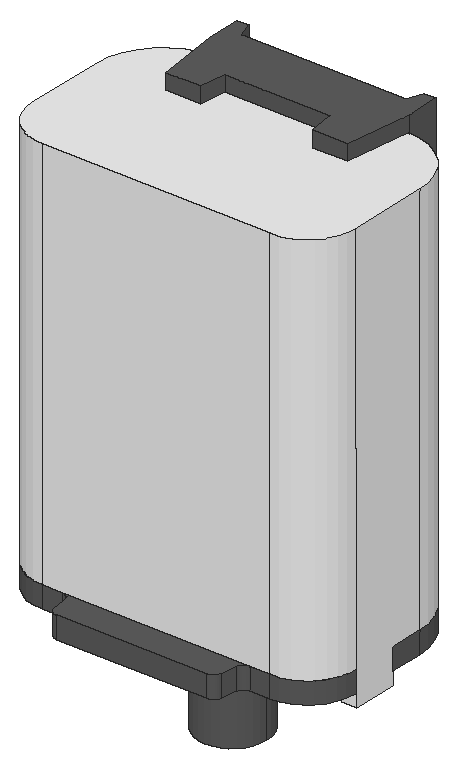
Revit family "PRD_AR_TpsAndWtrSpplOtltFttngs_BatteryCompartment_ACEX9023", category Specialty Equipment, Revit 2023
Family settings
  Round Connector Dimension = Use Diameter
  Part Type = Normal
  OmniClass Number = 23.80.10.24.11
  OmniClass Title = Batteries
  Work Plane-Based = No
  Enable Cutting in Views = No
  Always vertical = Yes
  Cut with Voids When Loaded = No
  Maintain Annotation Orientation = No
  Shared = No
  Room Calculation Point = No
Parameters (values of type "ACEX9023")
  WarrantyStartDate [instance] = "1900-12-31T23:59:59"
  WarrantyGuarantorParts = "n/a"
  WarrantyGuarantorLabor = "n/a"
  WarrantyDurationUnit = "n/a"
  WarrantyDurationParts = "n/a"
  WarrantyDurationLabor = "n/a"
  WarrantyDescription = "n/a"
  Version = "1"
  Uniclass2015Version = "Products v1.36"
  Uniclass2015Title = "Taps and water supply outlet fittings"
  Uniclass2015Code = "Pr_40_20_87"
  URL = "www.kwc-professional.com"
  TypeOfBatteries = "CR-P2 Lithium battery 6V"
  Type IFC Predefined Type = "USERDEFINED"
  TagNumber [instance] = "n/a"
  SustainabilityPerformance = "n/a"
  Status = "New"
  Size = "n/a"
  Shape = "n/a"
  SerialNumber [instance] = "n/a"
  Revision = "n/a"
  ReplacementCost = "n/a"
  Reference = "n/a"
  ProtectiveSystemIP = "IP57"
  ProductInformation = "http://pim.kwc.com/product/3600002063/attachment/datasheet?locale=en"
  PowerSwitch = "no"
  OutputVoltageUOM = "DC"
  OutputVoltage = "6 Volt"
  NumberOfBatteries = "1"
  NominalWidth = 37 mm
  NominalLength = 63 mm
  NominalHeight = 63 mm
  NominalDepth = 30 mm
  Name = "Battery compartment ACEX9023"
  NBSTypeID = "n/a"
  NBSReference = "n/a"
  NBSOfficeMasterTag = "n/a"
  NBSNote = "n/a"
  NBSDescription = "n/a"
  NBSCertification = "n/a"
  ModelReference = "ACEX9023"
  ModelNumber = "3600002063"
  Model = ModelReference  # "ACEX9023"
  Material = "n/a"
  ManufacturerURL = "www.kwc-professional.com"
  ManufacturerName = "KWC Group Management AG"  # constant formula
  Manufacturer = ManufacturerName  # "KWC Group Management AG"
  InstallationDate [instance] = "1900-12-31T23:59:59"
  IfcExportType = "USERDEFINED"
  IfcExportAs = "IfcSanitaryTerminalType"
  Grade = "n/a"
  Finish = "n/a"
  Features = "Battery compartment including 6 V battery"
  Export Type to IFC As = "IfcSanitaryTerminalType"
  ExpectedLife = "n/a"
  DurationUnit = "n/a"
  Description = "Battery compartment with holder and 6 V lithium battery (CR-P2)."
  Default Elevation = 0 mm
  CreatedOn = "05/2025"  # constant formula
  Constituents = "n/a"
  CompatibleA3000Open = "no"
  CompatibleA3000 = "no"
  Communication = "no"
  Color = "n/a"
  CodePerformance = "n/a"
  Category = "Pr_40_20_87, Taps and water supply outlet fittings"
  BodyMaterial = PRD_AR_Plastic_White
  BarCode [instance] = "n/a"
  BIMObjectName = "PRD_AR_TapsAndWaterSupplyOutletFittings_BatteryCompartment_ACEX9023"
  Author = "Archispace"  # constant formula
  AssetType = "Fixed"
  AssetIdentifier [instance] = "n/a"
  AccessibilityPerformance = "n/a"
Reference planes
  plane 1 "Center (Front/Back)": y = 0
  plane 2: z = 0
  plane 3 "Center (Left/Right)": x = 0
Dimensions and locks
  aligned and locked: level to plane 2
Nested families
  nested 1: "Battery" at (0, 0, 0), type "Battery"
Definition of nested family "Battery"
  Parameters (values of type "Battery")
    Material2 = none
    Material = none
    Default Elevation = 0 mm
  Reference planes
    plane 1 "Center (Front/Back)": y = 0
    plane 2: z = 0
    plane 3 "Center (Left/Right)": x = 0
  Forms (mm)
    Extrusion 1, solid, material <- "Material", detail levels fine
      sketch origin (0.264, 0, 0) x (1, 0, 0) y (0, 1, 0)
        loop
          line (-18.914, -11.259) -> (-18.914, -20.55)
          arc (-18.914, -20.55) -> (-17.303, -24.439) -> (-13.414, -26.05) r 5.5
          line (-13.414, -26.05) -> (12.886, -26.05)
          arc (12.886, -26.05) -> (16.775, -24.439) -> (18.386, -20.55) r 5.5
          line (18.386, -20.55) -> (18.386, -11.259)
          arc (18.386, -11.259) -> (16.189, -5.955) -> (10.886, -3.759) r 7.5
          line (10.886, -3.759) -> (-11.414, -3.759)
          arc (-11.414, -3.759) -> (-16.717, -5.955) -> (-18.914, -11.259) r 7.5
      from 2.5 to 48.2
    Extrusion 2, solid, material <- "Material2", detail levels fine
      sketch origin (0, 0, 0) x (1, 0, 0) y (0, 1, 0)
        loop
          line (-18.65, -11.259) -> (-18.65, -15.22) -> (-16.92, -15.22) -> (-16.92, -20.55) -> (-18.65, -20.55)
          arc (-18.65, -20.55) -> (-17.039, -24.439) -> (-13.15, -26.05) r 5.5
          line (-13.15, -26.05) -> (-10.877, -26.05)
          arc (-10.877, -26.05) -> (-10.218, -26.298) -> (-9.886, -26.919) r 1
          line (-9.886, -26.919) -> (-9.654, -28.681)
          arc (-9.654, -28.681) -> (-9.322, -29.302) -> (-8.662, -29.55) r 1
          line (-8.662, -29.55) -> (8.662, -29.55)
          arc (8.662, -29.55) -> (9.322, -29.302) -> (9.654, -28.681) r 1
          line (9.654, -28.681) -> (9.886, -26.919)
          arc (9.886, -26.919) -> (10.218, -26.298) -> (10.877, -26.05) r 1
          line (10.877, -26.05) -> (13.15, -26.05)
          arc (13.15, -26.05) -> (17.039, -24.439) -> (18.65, -20.55) r 5.5
          line (18.65, -20.55) -> (16.92, -20.55) -> (16.92, -15.22) -> (18.65, -15.22) -> (18.65, -11.259)
          arc (18.65, -11.259) -> (16.453, -5.955) -> (11.15, -3.759) r 7.5
          line (11.15, -3.759) -> (-11.15, -3.759)
          arc (-11.15, -3.759) -> (-16.453, -5.955) -> (-18.65, -11.259) r 7.5
      from 0 to 2.5
    Extrusion 3, solid, material <- "Material2", detail levels fine
      sketch origin (0, 0, 0) x (0, 1, 0) y (0, 0, 1)
        loop
          line (-11.5, 50.175) -> (-11.5, 48.375) -> (-3.759, 48.375) -> (-3.759, -1.915) -> (-19.5, 0.169) -> (-19.5, -1.997) -> (-3.8, -3.925) -> (0, -3.859) -> (0, 50.175) -> (-11.5, 50.175)
      from -11.5 to 11.5
    Revolve 4, solid, material <- "Material2", detail levels fine
      sketch origin (0, -15, 0) x (1, 0, 0) y (0, 0, 1)
        loop
          line (0, 0) -> (0, -12.4) -> (4, -12.4) -> (4, 0) -> (0, 0)
        axis (0, 0) -> (0, -12.4)
      angle from 0 to 360
    Extrusion 5, void
      sketch origin (0, 0, 0) x (1, 0, 0) y (0, 1, 0)
        loop
          line (-6.656, -12.873) -> (6.656, -12.873) -> (6.08, -8.5) -> (-6.08, -8.5) -> (-6.656, -12.873)
        loop
          line (10.306, -12.873) -> (11.819, -12.873) -> (11.819, -1.374) -> (10.306, -12.873)
        loop
          line (-10.306, -12.873) -> (-11.763, -1.8) -> (-11.763, -12.873) -> (-10.306, -12.873)
      from 48.2 to 50.175
    Extrusion 6, void
      sketch origin (0, 0, 0) x (1, 0, 0) y (0, 1, 0)
        loop
          line (-9.5, -1.8) -> (9.5, -1.8) -> (10.12, 0) -> (-10.12, 0) -> (-9.5, -1.8)
      from -4.9 to 50.175
    Extrusion 7, void
      sketch origin (0, 0, 0) x (1, 0, 0) y (0, 1, 0)
        loop
          line (-9.5, -19.5) -> (-9.832, -10.025) -> (-12.172, -1.234) -> (-12.172, -20.326) -> (12.15, -20.326) -> (12.15, -1.373) -> (9.832, -10.025) -> (9.5, -19.5) -> (7.5, -19.5) -> (6.106, -8.908)
          arc (6.106, -8.908) -> (5.109, -7.044) -> (3.131, -6.3) r 3
          line (3.131, -6.3) -> (-3.131, -6.3)
          arc (-3.131, -6.3) -> (-5.109, -7.044) -> (-6.106, -8.908) r 3
          line (-6.106, -8.908) -> (-7.5, -19.5) -> (-9.5, -19.5)
      from -3.925 to 0
    Extrusion 8, solid, material <- "Material", detail levels fine
      sketch origin (0, 0, 0) x (1, 0, 0) y (0, 1, 0)
        loop
          line (-16.92, -20.398) -> (-16.92, -15.22) -> (-18.65, -15.22) -> (-18.65, -20.398) -> (-16.92, -20.398)
        loop
          line (16.92, -20.398) -> (18.65, -20.398) -> (18.65, -15.22) -> (16.92, -15.22) -> (16.92, -20.398)
      from -1.5 to 2.5
    Extrusion 9, solid, material <- "Material", detail levels coarse+medium
      sketch origin (0, 0, 0) x (1, 0, 0) y (0, 1, 0)
        loop
          line (-18.65, 0) -> (-18.65, -29.55) -> (18.65, -29.55) -> (18.65, 0) -> (-18.65, 0)
      from -3.925 to 50.175
  Cuts and joins
    Extrusion 5, Extrusion 6, Extrusion 7 cuts Extrusion 3
    joined: Extrusion 1, Extrusion 8
  Dimensions and locks
    aligned and locked: level to plane 2
